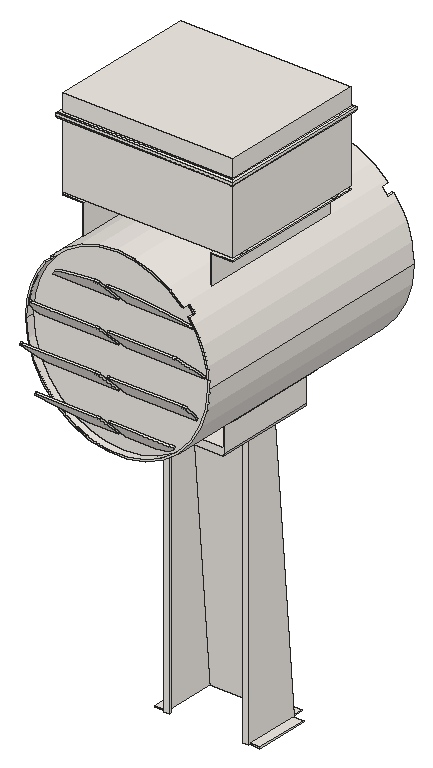
Revit family "Heater-QMARK-QWD_Series-Washdown_Corrosion_Resistant_Unit_Gen2", category Mechanical Equipment, host Face, Revit 2020 (continued)
Types (51): name | Watts | Wall Mount Nema Box Offset | Voltage | Total Heating Capacity | Small | Phase | Offset From Wall | Nema Box Height | Motor HP | Model | Medium Large | Height WM | Height CM | Drum Radius | Amps | Air Flow - Throw | Actual Supply Air Flow | 2-Stage Control
  QWD10832 | 10000 W | 0' - 3 25/32" | 208 V | 34120.0 Btu/h | yes | 3 | 0' - 6 3/8" | 0' - 6 1/4" | "N/A" | "QWD10832" | no | 1' - 8 31/32" | 1' - 8 31/32" | 0' - 6 1/2" | 27.8 A | 0' - 0" | 1450 CFM | "N/A"
  QWD10232 | 10000 W | 0' - 3 25/32" | 240 V | 34120.0 Btu/h | yes | 3 | 0' - 6 3/8" | 0' - 6 1/4" | "N/A" | "QWD10232" | no | 1' - 8 31/32" | 1' - 8 31/32" | 0' - 6 1/2" | 24.1 A | 0' - 0" | 1450 CFM | "N/A"
  QWD10432 | 10000 W | 0' - 3 25/32" | 480 V | 34120.0 Btu/h | yes | 3 | 0' - 6 3/8" | 0' - 6 1/4" | "N/A" | "QWD10432" | no | 1' - 8 31/32" | 1' - 8 31/32" | 0' - 6 1/2" | 12 A | 0' - 0" | 1450 CFM | "N/A"
  QWD12812 | 12500 W | 0' - 7 7/16" | 208 V | 42650.0 Btu/h | no | 1 | 0' - 8" | 0' - 8 79/256" | "N/A" | "QWD12812" | yes | 2' - 6 7/16" | 2' - 6 7/16" | 0' - 9 7/8" | 60.1 A | 0' - 0" | 1450 CFM | "N/A"
  QWD12212 | 12500 W | 0' - 7 7/16" | 240 V | 42650.0 Btu/h | no | 1 | 0' - 8" | 0' - 8 79/256" | "N/A" | "QWD12212" | yes | 2' - 6 7/16" | 2' - 6 7/16" | 0' - 9 7/8" | 52.1 A | 0' - 0" | 1450 CFM | "N/A"
  QWD12832 | 12500 W | 0' - 7 7/16" | 208 V | 42650.0 Btu/h | no | 3 | 0' - 8" | 0' - 8 79/256" | "N/A" | "QWD12832" | yes | 2' - 6 7/16" | 2' - 6 7/16" | 0' - 9 7/8" | 34.7 A | 0' - 0" | 1450 CFM | "N/A"
  QWD12232 | 12500 W | 0' - 7 7/16" | 240 V | 42650.0 Btu/h | no | 3 | 0' - 8" | 0' - 8 79/256" | "N/A" | "QWD12232" | yes | 2' - 6 7/16" | 2' - 6 7/16" | 0' - 9 7/8" | 30.1 A | 0' - 0" | 1450 CFM | "N/A"
  QWD12432 | 12500 W | 0' - 7 7/16" | 480 V | 42650.0 Btu/h | no | 3 | 0' - 8" | 0' - 8 79/256" | "N/A" | "QWD12432" | yes | 2' - 6 7/16" | 2' - 6 7/16" | 0' - 9 7/8" | 15 A | 0' - 0" | 1450 CFM | "N/A"
  QWD-234-U11L-0150I | 15000 W | 0' - 7 7/16" | 347 V | 51180.0 Btu/h | no | 1 | 0' - 8" | 0' - 8 79/256" | "0.25" | "QWD-234-U11L-0150I" | yes | 2' - 6 7/16" | 2' - 6 7/16" | 0' - 9 7/8" | 47 A | 4' - 2" | 2400 CFM | "1A"
  QWD-234-U11L-0150D | 15000 W | 0' - 7 7/16" | 208 V | 51180.0 Btu/h | no | 3 | 0' - 8" | 0' - 8 79/256" | "0.25" | "QWD-234-U11L-0150D" | yes | 2' - 6 7/16" | 2' - 6 7/16" | 0' - 9 7/8" | 44 A | 4' - 2" | 2400 CFM | "1A"
  QWD-234-U11L-0150K | 15000 W | 0' - 7 7/16" | 240 V | 51180.0 Btu/h | no | 3 | 0' - 8" | 0' - 8 79/256" | "0.25" | "QWD-234-U11L-0150K" | yes | 2' - 6 7/16" | 2' - 6 7/16" | 0' - 9 7/8" | 39 A | 4' - 2" | 2400 CFM | "1A"
  QWD-234-U11L-0150U | 15000 W | 0' - 7 7/16" | 480 V | 51180.0 Btu/h | no | 3 | 0' - 8" | 0' - 8 79/256" | "0.25" | "QWD-234-U11L-0150U" | yes | 2' - 6 7/16" | 2' - 6 7/16" | 0' - 9 7/8" | 20 A | 4' - 2" | 2400 CFM | "1A"
  QWD-234-U11L-0150Z | 15000 W | 0' - 7 7/16" | 600 V | 51180.0 Btu/h | no | 3 | 0' - 8" | 0' - 8 79/256" | "0.25" | "QWD-234-U11L-0150Z" | yes | 2' - 6 7/16" | 2' - 6 7/16" | 0' - 9 7/8" | 16 A | 4' - 2" | 2400 CFM | "1A"
  QWD-234-U11L-0200U | 20000 W | 0' - 7 7/16" | 480 V | 68240.0 Btu/h | no | 3 | 0' - 8" | 0' - 8 79/256" | "0.25" | "QWD-234-U11L-0200U" | yes | 2' - 6 7/16" | 2' - 6 7/16" | 0' - 9 7/8" | 26 A | 4' - 2" | 2400 CFM | "1A"
  QWD-234-U11L-0200Z | 20000 W | 0' - 7 7/16" | 600 V | 68240.0 Btu/h | no | 3 | 0' - 8" | 0' - 8 79/256" | "0.25" | "QWD-234-U11L-0200Z" | yes | 2' - 6 7/16" | 2' - 6 7/16" | 0' - 9 7/8" | 21 A | 4' - 2" | 2400 CFM | "1A"
  QWD-234-U11A-0250U | 25000 W | 0' - 7 7/16" | 480 V | 85300.0 Btu/h | no | 3 | 0' - 8" | 0' - 8 79/256" | "0.25" | "QWD-234-U11A-0250U" | yes | 2' - 6 7/16" | 2' - 6 7/16" | 0' - 9 7/8" | 32 A | 4' - 2" | 2400 CFM | "1B"
  QWD-234-U11A-0250Z | 25000 W | 0' - 7 7/16" | 600 V | 85300.0 Btu/h | no | 3 | 0' - 8" | 0' - 8 79/256" | "0.25" | "QWD-234-U11A-0250Z" | yes | 2' - 6 7/16" | 2' - 6 7/16" | 0' - 9 7/8" | 26 A | 4' - 2" | 2400 CFM | "1B"
  QWD-234-U11A-0300U | 30000 W | 0' - 7 7/16" | 480 V | 102360.0 Btu/h | no | 3 | 0' - 8" | 0' - 8 79/256" | "0.25" | "QWD-234-U11A-0300U" | yes | 2' - 6 7/16" | 2' - 6 7/16" | 0' - 9 7/8" | 38 A | 4' - 2" | 2400 CFM | "1B"
  QWD-234-U11A-0300Z | 30000 W | 0' - 7 7/16" | 600 V | 102360.0 Btu/h | no | 3 | 0' - 8" | 0' - 8 79/256" | "0.25" | "QWD-234-U11A-0300Z" | yes | 2' - 6 7/16" | 2' - 6 7/16" | 0' - 9 7/8" | 31 A | 4' - 2" | 2400 CFM | "1B"
  QWD-234-U11A-0350U | 35000 W | 0' - 7 7/16" | 480 V | 119425.0 Btu/h | no | 3 | 0' - 8" | 0' - 8 79/256" | "0.25" | "QWD-234-U11A-0350U" | yes | 2' - 6 7/16" | 2' - 6 7/16" | 0' - 9 7/8" | 44 A | 4' - 2" | 2400 CFM | "1B"
  QWD-234-U11A-0350Z | 35000 W | 0' - 7 7/16" | 600 V | 119425.0 Btu/h | no | 3 | 0' - 8" | 0' - 8 79/256" | "0.25" | "QWD-234-U11A-0350Z" | yes | 2' - 6 7/16" | 2' - 6 7/16" | 0' - 9 7/8" | 35 A | 4' - 2" | 2400 CFM | "1B"
  QWD-234-U11A-0390U | 39000 W | 0' - 7 7/16" | 480 V | 133068.0 Btu/h | no | 3 | 0' - 8" | 0' - 8 79/256" | "0.25" | "QWD-234-U11A-0390U" | yes | 2' - 6 7/16" | 2' - 6 7/16" | 0' - 9 7/8" | 48 A | 4' - 2" | 2400 CFM | "1B"
  QWD-234-U11A-0390Z | 39000 W | 0' - 7 7/16" | 600 V | 133068.0 Btu/h | no | 3 | 0' - 8" | 0' - 8 79/256" | "0.25" | "QWD-234-U11A-0390Z" | yes | 2' - 6 7/16" | 2' - 6 7/16" | 0' - 9 7/8" | 38 A | 4' - 2" | 2400 CFM | "1B"
  QWD-234-U11A-0470Z | 47000 W | 0' - 7 7/16" | 600 V | 160370.0 Btu/h | no | 3 | 0' - 8" | 0' - 8 79/256" | "0.25" | "QWD-234-U11A-0470Z" | yes | 2' - 6 7/16" | 2' - 6 7/16" | 0' - 9 7/8" | 47 A | 4' - 2" | 2400 CFM | "1B"
